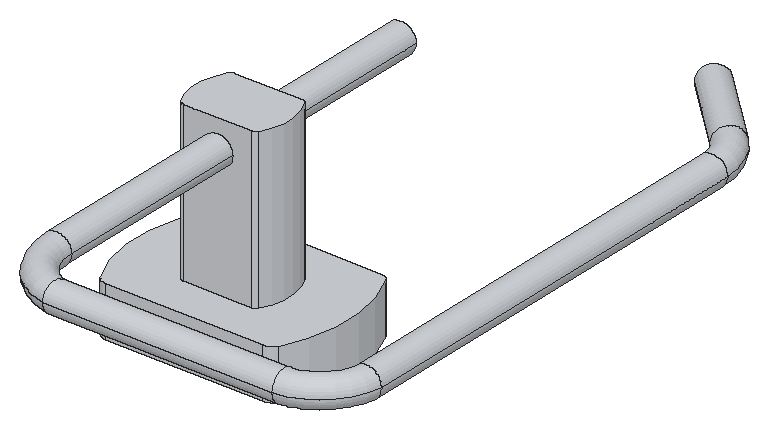
Revit family "01-2557-11 PORTARROLLO METALICO (EVO) PORTOBELLO", category Plumbing Fixtures, host Face, Revit 2018
Family settings
  Host = Face
  Round Connector Dimension = Use Diameter
  Part Type = Normal
  OmniClass Number = 23.31.11.00
  Cut with Voids When Loaded = No
  Shared = No
  Room Calculation Point = No
Parameters (values of type "01-2557-11")
  Waste Water Outlet = ""
  Metal laton cromado = Metal Laton Cromado
  Link Ficha Tecnica = "http://infotecnica.gricol.com/FT_01255711.pdf"
  Waste Connection = 1 = 0  # no
  Vent Connection = 1 = 0  # no
  URL = "https://www.gricol.com/"
  Type Image = <None>
  Product Name = "PORTARROLLO METALICO (EVO) PORTOBELLO"  # constant formula
  Profundidad = 49.0 mm
  Ancho Soporte = 34.5 mm
  Alto = 83.0 mm
  Alto Soporte = 50.0 mm
  Model = "01-2557-11"  # constant formula
  Manufacturer = "Gricol"  # constant formula
  HW Connection = 1 = 1  # yes
  Description = "Portarrollo "  # constant formula
  Default Elevation = 0.0 mm
  Date Modified = ""
  Date Created = "05/28/2020"  # constant formula
  Copyright = "All rights reserved © Gricol - 2020."  # constant formula
  CW Connection = 1 = 1  # yes
  Assembly Code = ""
  Ancho = 145.0 mm
Reference planes
  plane 1 "Center (Front/Back)": y = 0
  plane 2: z = 0
  plane 3 "Center (Left/Right)": x = 0
  plane 4: x = -25.001
  plane 5: x = 24.999
  plane 6: y = 17.251
  plane 7: y = -17.249
  plane 8: x = -25.001
  plane 9: y = -72.499
  plane 10: z = 49
  plane 11: y = 72.501
  plane 12: x = -3.501
  plane 13: x = 79.499
Dimensions and locks
  "Alto Soporte": plane 4 to plane 5
  "Ancho Soporte": plane 7 to plane 6
  "Profundidad": plane 10 to level
  "Ancho": plane 9 to plane 11
  "Alto": plane 12 to plane 13
  plane 10 to level = 49.0 mm
  aligned and locked: plane 2 to host face
  aligned and locked: level to host face
Automatic sketch dimensions
  host sketch curve to host sketch curve = 278.861 mm
  host sketch curve to host sketch curve = 199.499 mm
Nested families
  nested 1: "PORTARROLLO METALICO (EVO) PORTOBELLO" at (-0.001, 0.001, 0) x (0, 1, 0) z (0, 0, 1), type "PORTARROLLO METALICO (EVO) PORTOBELLO"
Definition of nested family "PORTARROLLO METALICO (EVO) PORTOBELLO"
  Parameters (values of type "PORTARROLLO METALICO (EVO) PORTOBELLO")
    Portarrollo y soporte = none
    Profundidad brazo = 75.0 mm
    Diametro = 109.0 mm
    Ancho brazo = 22.0 mm
    Alto brazo = 22.0 mm
    Alto jabonera = 37.0 mm
  Reference planes
    plane 1 "Center (Front/Back)": y = 0
    plane 2: z = 0
    plane 3 "Center (Left/Right)": x = 0
    plane 4: z = 49
    plane 5: x = -72.5
    plane 6: x = 72.5
    plane 7: y = 3.5
    plane 8: y = -79.5
    plane 9: y = 25
    plane 10: y = -25
    plane 11: x = -17.25
    plane 12: x = 17.25
  Forms (mm)
    Extrusion 1, solid
      sketch origin (12.885, 23.453, 0) x (-1, 0, 0) y (0, -1, 0)
        loop
          line (-4.365, 41.887) -> (-4.365, 5.018)
          arc (-4.365, 5.018) -> (-3.961, 3.514) -> (-2.857, 2.416) r 3
          arc (-2.857, 2.416) -> (12.885, -1.547) -> (28.628, 2.416) r 33.248
          arc (28.628, 2.416) -> (29.731, 3.514) -> (30.135, 5.018) r 3
          line (30.135, 5.018) -> (30.135, 41.887)
          arc (30.135, 41.887) -> (29.731, 43.391) -> (28.628, 44.489) r 3
          arc (28.628, 44.489) -> (12.885, 48.453) -> (-2.857, 44.489) r 33.248
          arc (-2.857, 44.489) -> (-3.961, 43.391) -> (-4.365, 41.887) r 3
      from 0 to 11.746
    Extrusion 2, solid
      sketch origin (12.885, 23.453, 0) x (-1, 0, 0) y (0, -1, 0)
        loop
          line (5.401, 31.46) -> (5.401, 15.445)
          arc (5.401, 15.445) -> (5.584, 14.763) -> (6.085, 14.265) r 1.361
          arc (6.085, 14.265) -> (12.885, 12.453) -> (19.686, 14.265) r 13.669
          arc (19.686, 14.265) -> (20.186, 14.763) -> (20.369, 15.445) r 1.361
          line (20.369, 15.445) -> (20.369, 31.46)
          arc (20.369, 31.46) -> (20.186, 32.142) -> (19.686, 32.64) r 1.361
          arc (19.686, 32.64) -> (12.885, 34.452) -> (6.085, 32.64) r 13.669
          arc (6.085, 32.64) -> (5.584, 32.142) -> (5.401, 31.46) r 1.361
      from 11.746 to 49
    Sweep 3, solid
      path in 3D
        loop
          line (46.524, 3.5, 45.756) -> (-54.956, 3.5, 45.756)
          arc (-54.956, 3.5, 45.756) -> (-66.259, -0.513, 45.756) -> (-72.5, -10.756, 45.756) r 17.924
          line (-72.5, -10.756, 45.756) -> (-72.5, -64.91, 45.756)
          arc (-72.5, -64.91, 45.756) -> (-68.057, -74.605, 45.756) -> (-58.582, -79.5, 45.756) r 16.353
          line (-58.582, -79.5, 45.756) -> (43.364, -79.5, 45.756)
          arc (43.364, -79.5, 45.756) -> (50.281, -78.106, 45.756) -> (56.119, -74.143, 45.756) r 17.863
          line (56.119, -74.143, 45.756) -> (72.5, -57.437, 45.756)
      profile origin (-4.216, 3.5, 45.756) x (0, -1, 0) y (0, 0, 1)
        loop
          circle (3.492, -3.511) r 3.5
  Lines and regions (mm)
    sketch lines
      curve 1: line (46.524, 3.5, 45.756) -> (-54.956, 3.5, 45.756)
      curve 2: arc (-72.5, -10.756, 45.756) -> (-66.259, -0.513, 45.756) -> (-54.956, 3.5, 45.756) r 17.924
      curve 3: line (-72.5, -10.756, 45.756) -> (-72.5, -64.91, 45.756)
      curve 4: arc (-58.582, -79.5, 45.756) -> (-68.057, -74.605, 45.756) -> (-72.5, -64.91, 45.756) r 16.353
      curve 5: line (-58.582, -79.5, 45.756) -> (43.364, -79.5, 45.756)
      curve 6: arc (56.119, -74.143, 45.756) -> (50.281, -78.106, 45.756) -> (43.364, -79.5, 45.756) r 17.863
      curve 7: line (56.119, -74.143, 45.756) -> (72.5, -57.437, 45.756)
  Dimensions and locks
    locked: plane 5 to plane 6 at 145
    plane 5 to plane 3 "Center (Left/Right)" = 72.5 mm
    plane 8 to plane 7 = 83.0 mm
    level to plane 4 = 49.0 mm
    plane 1 "Center (Front/Back)" to plane 9 = 25.0 mm
    locked: plane 9 to plane 10 at 50
    plane 11 to plane 3 "Center (Left/Right)" = 17.25 mm
    locked: plane 11 to plane 12 at 34.5
    aligned and locked: plane 2 to level
